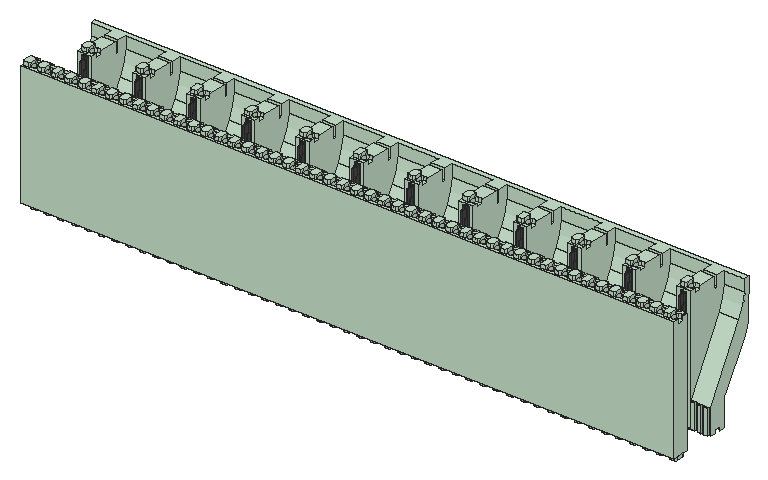
Revit family "ICF- NUDURA 4-inch- Brick Ledge Form Unit- Imperial", category Generic Models, Revit 2011 (continued)
Definition of nested family "NUDURA Diamond Pattern"
  Lines and regions (in)
    model lines
      curve 5: arc (3.35367, -5.625, 17.51517) -> (3.24384, -5.625, 17.25) -> (3.35367, -5.625, 16.98484) r 0.375
      curve 6: line (3.72867, -5.625, 17.89017) -> (3.35367, -5.625, 17.51517)
      curve 7: arc (4.259, -5.625, 17.89017) -> (3.99384, -5.625, 18) -> (3.72867, -5.625, 17.89017) r 0.375
      curve 8: line (4.634, -5.625, 17.51517) -> (4.259, -5.625, 17.89017)
      curve 9: arc (4.634, -5.625, 16.98484) -> (4.74384, -5.625, 17.25) -> (4.634, -5.625, 17.51517) r 0.375
      curve 10: line (4.29059, -5.625, 16.64142) -> (4.634, -5.625, 16.98484)
      curve 11: arc (4.17062, -5.625, 17.80178) -> (3.99384, -5.625, 17.875) -> (3.81706, -5.625, 17.80178) r 0.25
      curve 12: line (4.54562, -5.625, 17.42678) -> (4.17062, -5.625, 17.80178)
      curve 13: arc (4.54562, -5.625, 17.07322) -> (4.61884, -5.625, 17.25) -> (4.54562, -5.625, 17.42678) r 0.25
      curve 14: line (4.17062, -5.625, 16.69822) -> (4.54562, -5.625, 17.07322)
      curve 15: arc (3.81706, -5.625, 16.69822) -> (3.99384, -5.625, 16.625) -> (4.17062, -5.625, 16.69822) r 0.25
      curve 16: line (3.44206, -5.625, 17.07322) -> (3.81706, -5.625, 16.69822)
      curve 17: arc (3.44206, -5.625, 17.42678) -> (3.36884, -5.625, 17.25) -> (3.44206, -5.625, 17.07322) r 0.25
      curve 18: line (3.81706, -5.625, 17.80178) -> (3.44206, -5.625, 17.42678)
      curve 19: arc (3.69709, -5.625, 16.35858) -> (3.75567, -5.625, 16.5) -> (3.69709, -5.625, 16.64142) r 0.2
      curve 20: line (4.634, -5.625, 16.01517) -> (4.29059, -5.625, 16.35858)
      curve 21: arc (4.634, -5.625, 15.48484) -> (4.74384, -5.625, 15.75) -> (4.634, -5.625, 16.01517) r 0.375
      curve 22: line (4.29059, -5.625, 15.14142) -> (4.634, -5.625, 15.48484)
      curve 23: line (3.35367, -5.625, 15.48484) -> (3.69709, -5.625, 15.14142)
      curve 24: arc (3.35367, -5.625, 16.01517) -> (3.24384, -5.625, 15.75) -> (3.35367, -5.625, 15.48484) r 0.375
      curve 25: line (3.69709, -5.625, 16.35858) -> (3.35367, -5.625, 16.01517)
      curve 26: arc (4.17062, -5.625, 16.30178) -> (3.99384, -5.625, 16.375) -> (3.81706, -5.625, 16.30178) r 0.25
      curve 27: line (3.81706, -5.625, 16.30178) -> (3.44206, -5.625, 15.92678)
      curve 28: arc (3.44206, -5.625, 15.92678) -> (3.36884, -5.625, 15.75) -> (3.44206, -5.625, 15.57322) r 0.25
      curve 29: line (3.44206, -5.625, 15.57322) -> (3.81706, -5.625, 15.19822)
      curve 30: arc (3.81706, -5.625, 15.19822) -> (3.99384, -5.625, 15.125) -> (4.17062, -5.625, 15.19822) r 0.25
      curve 31: line (4.17062, -5.625, 15.19822) -> (4.54562, -5.625, 15.57322)
      curve 32: arc (4.54562, -5.625, 15.57322) -> (4.61884, -5.625, 15.75) -> (4.54562, -5.625, 15.92678) r 0.25
      curve 33: line (4.54562, -5.625, 15.92678) -> (4.17062, -5.625, 16.30178)
      curve 34: arc (3.69709, -5.625, 14.85858) -> (3.75567, -5.625, 15) -> (3.69709, -5.625, 15.14142) r 0.2
      curve 35: line (4.634, -5.625, 14.51517) -> (4.29059, -5.625, 14.85858)
      curve 36: arc (4.634, -5.625, 13.98484) -> (4.74384, -5.625, 14.25) -> (4.634, -5.625, 14.51517) r 0.375
      curve 37: line (4.29059, -5.625, 13.64142) -> (4.634, -5.625, 13.98484)
      curve 38: line (3.35367, -5.625, 13.98484) -> (3.69709, -5.625, 13.64142)
      curve 39: arc (3.35367, -5.625, 14.51517) -> (3.24384, -5.625, 14.25) -> (3.35367, -5.625, 13.98484) r 0.375
      curve 40: line (3.69709, -5.625, 14.85858) -> (3.35367, -5.625, 14.51517)
      curve 41: arc (4.17062, -5.625, 14.80178) -> (3.99384, -5.625, 14.875) -> (3.81706, -5.625, 14.80178) r 0.25
      curve 42: line (3.81706, -5.625, 14.80178) -> (3.44206, -5.625, 14.42678)
      curve 43: arc (3.44206, -5.625, 14.42678) -> (3.36884, -5.625, 14.25) -> (3.44206, -5.625, 14.07322) r 0.25
      curve 44: line (3.44206, -5.625, 14.07322) -> (3.81706, -5.625, 13.69822)
      curve 45: arc (3.81706, -5.625, 13.69822) -> (3.99384, -5.625, 13.625) -> (4.17062, -5.625, 13.69822) r 0.25
      curve 46: line (4.17062, -5.625, 13.69822) -> (4.54562, -5.625, 14.07322)
      curve 47: arc (4.54562, -5.625, 14.07322) -> (4.61884, -5.625, 14.25) -> (4.54562, -5.625, 14.42678) r 0.25
      curve 48: line (4.54562, -5.625, 14.42678) -> (4.17062, -5.625, 14.80178)
      curve 49: arc (3.69709, -5.625, 13.35858) -> (3.75567, -5.625, 13.5) -> (3.69709, -5.625, 13.64142) r 0.2
      curve 50: line (4.634, -5.625, 13.01517) -> (4.29059, -5.625, 13.35858)
      curve 51: arc (4.634, -5.625, 12.48484) -> (4.74384, -5.625, 12.75) -> (4.634, -5.625, 13.01517) r 0.375
      curve 52: line (4.29059, -5.625, 12.14142) -> (4.634, -5.625, 12.48484)
      curve 53: line (3.35367, -5.625, 12.48484) -> (3.69709, -5.625, 12.14142)
      curve 54: arc (3.35367, -5.625, 13.01517) -> (3.24384, -5.625, 12.75) -> (3.35367, -5.625, 12.48484) r 0.375
      curve 55: line (3.69709, -5.625, 13.35858) -> (3.35367, -5.625, 13.01517)
      curve 56: arc (4.17062, -5.625, 13.30178) -> (3.99384, -5.625, 13.375) -> (3.81706, -5.625, 13.30178) r 0.25
      curve 57: line (3.81706, -5.625, 13.30178) -> (3.44206, -5.625, 12.92678)
      curve 58: arc (3.44206, -5.625, 12.92678) -> (3.36884, -5.625, 12.75) -> (3.44206, -5.625, 12.57322) r 0.25
      curve 59: line (3.44206, -5.625, 12.57322) -> (3.81706, -5.625, 12.19822)
      curve 60: arc (3.81706, -5.625, 12.19822) -> (3.99384, -5.625, 12.125) -> (4.17062, -5.625, 12.19822) r 0.25
      curve 61: line (4.17062, -5.625, 12.19822) -> (4.54562, -5.625, 12.57322)
      curve 62: arc (4.54562, -5.625, 12.57322) -> (4.61884, -5.625, 12.75) -> (4.54562, -5.625, 12.92678) r 0.25
      curve 63: line (4.54562, -5.625, 12.92678) -> (4.17062, -5.625, 13.30178)
      curve 64: arc (3.69709, -5.625, 11.85858) -> (3.75567, -5.625, 12) -> (3.69709, -5.625, 12.14142) r 0.2
      curve 65: line (4.634, -5.625, 11.51517) -> (4.29059, -5.625, 11.85858)
      curve 66: arc (4.634, -5.625, 10.98484) -> (4.74384, -5.625, 11.25) -> (4.634, -5.625, 11.51517) r 0.375
      curve 67: line (4.29059, -5.625, 10.64142) -> (4.634, -5.625, 10.98484)
      curve 68: line (3.35367, -5.625, 10.98484) -> (3.69709, -5.625, 10.64142)
      curve 69: arc (3.35367, -5.625, 11.51517) -> (3.24384, -5.625, 11.25) -> (3.35367, -5.625, 10.98484) r 0.375
      curve 70: line (3.69709, -5.625, 11.85858) -> (3.35367, -5.625, 11.51517)
      curve 71: arc (4.17062, -5.625, 11.80178) -> (3.99384, -5.625, 11.875) -> (3.81706, -5.625, 11.80178) r 0.25
      curve 72: line (3.81706, -5.625, 11.80178) -> (3.44206, -5.625, 11.42678)
      curve 73: arc (3.44206, -5.625, 11.42678) -> (3.36884, -5.625, 11.25) -> (3.44206, -5.625, 11.07322) r 0.25
      curve 74: line (3.44206, -5.625, 11.07322) -> (3.81706, -5.625, 10.69822)
      curve 75: arc (3.81706, -5.625, 10.69822) -> (3.99384, -5.625, 10.625) -> (4.17062, -5.625, 10.69822) r 0.25
      curve 76: line (4.17062, -5.625, 10.69822) -> (4.54562, -5.625, 11.07322)
      curve 77: arc (4.54562, -5.625, 11.07322) -> (4.61884, -5.625, 11.25) -> (4.54562, -5.625, 11.42678) r 0.25
      curve 78: line (4.54562, -5.625, 11.42678) -> (4.17062, -5.625, 11.80178)
      curve 79: arc (3.69709, -5.625, 10.35858) -> (3.75567, -5.625, 10.5) -> (3.69709, -5.625, 10.64142) r 0.2
      curve 80: line (4.634, -5.625, 10.01517) -> (4.29059, -5.625, 10.35858)
      curve 81: arc (4.634, -5.625, 9.48484) -> (4.74384, -5.625, 9.75) -> (4.634, -5.625, 10.01517) r 0.375
      curve 82: line (4.29059, -5.625, 9.14142) -> (4.634, -5.625, 9.48484)
      curve 83: line (3.35367, -5.625, 9.48484) -> (3.69709, -5.625, 9.14142)
      curve 84: arc (3.35367, -5.625, 10.01517) -> (3.24384, -5.625, 9.75) -> (3.35367, -5.625, 9.48484) r 0.375
      curve 85: line (3.69709, -5.625, 10.35858) -> (3.35367, -5.625, 10.01517)
      curve 86: arc (4.17062, -5.625, 10.30178) -> (3.99384, -5.625, 10.375) -> (3.81706, -5.625, 10.30178) r 0.25
      curve 87: line (3.81706, -5.625, 10.30178) -> (3.44206, -5.625, 9.92678)
      curve 88: arc (3.44206, -5.625, 9.92678) -> (3.36884, -5.625, 9.75) -> (3.44206, -5.625, 9.57322) r 0.25
      curve 89: line (3.44206, -5.625, 9.57322) -> (3.81706, -5.625, 9.19822)
      curve 90: arc (3.81706, -5.625, 9.19822) -> (3.99384, -5.625, 9.125) -> (4.17062, -5.625, 9.19822) r 0.25
      curve 91: line (4.17062, -5.625, 9.19822) -> (4.54562, -5.625, 9.57322)
      curve 92: arc (4.54562, -5.625, 9.57322) -> (4.61884, -5.625, 9.75) -> (4.54562, -5.625, 9.92678) r 0.25
      curve 93: line (4.54562, -5.625, 9.92678) -> (4.17062, -5.625, 10.30178)
      curve 94: arc (3.69709, -5.625, 8.85858) -> (3.75567, -5.625, 9) -> (3.69709, -5.625, 9.14142) r 0.2
      curve 95: line (4.634, -5.625, 8.51517) -> (4.29059, -5.625, 8.85858)
      curve 96: arc (4.634, -5.625, 7.98484) -> (4.74384, -5.625, 8.25) -> (4.634, -5.625, 8.51517) r 0.375
      curve 97: line (4.29059, -5.625, 7.64142) -> (4.634, -5.625, 7.98484)
      curve 98: line (3.35367, -5.625, 7.98484) -> (3.69709, -5.625, 7.64142)
      curve 99: arc (3.35367, -5.625, 8.51517) -> (3.24384, -5.625, 8.25) -> (3.35367, -5.625, 7.98484) r 0.375
      curve 100: line (3.69709, -5.625, 8.85858) -> (3.35367, -5.625, 8.51517)
      curve 101: arc (4.17062, -5.625, 8.80178) -> (3.99384, -5.625, 8.875) -> (3.81706, -5.625, 8.80178) r 0.25
      curve 102: line (3.81706, -5.625, 8.80178) -> (3.44206, -5.625, 8.42678)
      curve 103: arc (3.44206, -5.625, 8.42678) -> (3.36884, -5.625, 8.25) -> (3.44206, -5.625, 8.07322) r 0.25
      curve 104: line (3.44206, -5.625, 8.07322) -> (3.81706, -5.625, 7.69822)
      curve 105: arc (3.81706, -5.625, 7.69822) -> (3.99384, -5.625, 7.625) -> (4.17062, -5.625, 7.69822) r 0.25
      curve 106: line (4.17062, -5.625, 7.69822) -> (4.54562, -5.625, 8.07322)
      curve 107: arc (4.54562, -5.625, 8.07322) -> (4.61884, -5.625, 8.25) -> (4.54562, -5.625, 8.42678) r 0.25
      curve 108: line (4.54562, -5.625, 8.42678) -> (4.17062, -5.625, 8.80178)
      curve 109: arc (3.69709, -5.625, 7.35858) -> (3.75567, -5.625, 7.5) -> (3.69709, -5.625, 7.64142) r 0.2
      curve 110: line (4.634, -5.625, 7.01517) -> (4.29059, -5.625, 7.35858)
      curve 111: arc (4.634, -5.625, 6.48484) -> (4.74384, -5.625, 6.75) -> (4.634, -5.625, 7.01517) r 0.375
      curve 112: line (4.29059, -5.625, 6.14142) -> (4.634, -5.625, 6.48484)
      curve 113: line (3.35367, -5.625, 6.48484) -> (3.69709, -5.625, 6.14142)
      curve 114: arc (3.35367, -5.625, 7.01517) -> (3.24384, -5.625, 6.75) -> (3.35367, -5.625, 6.48484) r 0.375
      curve 115: line (3.69709, -5.625, 7.35858) -> (3.35367, -5.625, 7.01517)
      curve 116: arc (4.17062, -5.625, 7.30178) -> (3.99384, -5.625, 7.375) -> (3.81706, -5.625, 7.30178) r 0.25
      curve 117: line (3.81706, -5.625, 7.30178) -> (3.44206, -5.625, 6.92678)
      curve 118: arc (3.44206, -5.625, 6.92678) -> (3.36884, -5.625, 6.75) -> (3.44206, -5.625, 6.57322) r 0.25
      curve 119: line (3.44206, -5.625, 6.57322) -> (3.81706, -5.625, 6.19822)
      curve 120: arc (3.81706, -5.625, 6.19822) -> (3.99384, -5.625, 6.125) -> (4.17062, -5.625, 6.19822) r 0.25
      curve 121: line (4.17062, -5.625, 6.19822) -> (4.54562, -5.625, 6.57322)
      curve 122: arc (4.54562, -5.625, 6.57322) -> (4.61884, -5.625, 6.75) -> (4.54562, -5.625, 6.92678) r 0.25
      curve 123: line (4.54562, -5.625, 6.92678) -> (4.17062, -5.625, 7.30178)
      curve 124: arc (3.69709, -5.625, 5.85858) -> (3.75567, -5.625, 6) -> (3.69709, -5.625, 6.14142) r 0.2
      curve 125: line (4.634, -5.625, 5.51517) -> (4.29059, -5.625, 5.85858)
      curve 126: arc (4.634, -5.625, 4.98484) -> (4.74384, -5.625, 5.25) -> (4.634, -5.625, 5.51517) r 0.375
      curve 127: line (4.29059, -5.625, 4.64142) -> (4.634, -5.625, 4.98484)
      curve 128: line (3.35367, -5.625, 4.98484) -> (3.69709, -5.625, 4.64142)
      curve 129: arc (3.35367, -5.625, 5.51517) -> (3.24384, -5.625, 5.25) -> (3.35367, -5.625, 4.98484) r 0.375
      curve 130: line (3.69709, -5.625, 5.85858) -> (3.35367, -5.625, 5.51517)
      curve 131: arc (4.17062, -5.625, 5.80178) -> (3.99384, -5.625, 5.875) -> (3.81706, -5.625, 5.80178) r 0.25
      curve 132: line (3.81706, -5.625, 5.80178) -> (3.44206, -5.625, 5.42678)
      curve 133: arc (3.44206, -5.625, 5.42678) -> (3.36884, -5.625, 5.25) -> (3.44206, -5.625, 5.07322) r 0.25
      curve 134: line (3.44206, -5.625, 5.07322) -> (3.81706, -5.625, 4.69822)
      curve 135: arc (3.81706, -5.625, 4.69822) -> (3.99384, -5.625, 4.625) -> (4.17062, -5.625, 4.69822) r 0.25
      curve 136: line (4.17062, -5.625, 4.69822) -> (4.54562, -5.625, 5.07322)
      curve 137: arc (4.54562, -5.625, 5.07322) -> (4.61884, -5.625, 5.25) -> (4.54562, -5.625, 5.42678) r 0.25
      curve 138: line (4.54562, -5.625, 5.42678) -> (4.17062, -5.625, 5.80178)
      curve 139: arc (3.69709, -5.625, 4.35858) -> (3.75567, -5.625, 4.5) -> (3.69709, -5.625, 4.64142) r 0.2
      curve 140: line (4.634, -5.625, 4.01517) -> (4.29059, -5.625, 4.35858)
      curve 141: arc (4.634, -5.625, 3.48484) -> (4.74384, -5.625, 3.75) -> (4.634, -5.625, 4.01517) r 0.375
      curve 142: line (4.29059, -5.625, 3.14142) -> (4.634, -5.625, 3.48484)
      curve 143: line (3.35367, -5.625, 3.48484) -> (3.69709, -5.625, 3.14142)
      curve 144: arc (3.35367, -5.625, 4.01517) -> (3.24384, -5.625, 3.75) -> (3.35367, -5.625, 3.48484) r 0.375
      curve 145: line (3.69709, -5.625, 4.35858) -> (3.35367, -5.625, 4.01517)
      curve 146: arc (4.17062, -5.625, 4.30178) -> (3.99384, -5.625, 4.375) -> (3.81706, -5.625, 4.30178) r 0.25
      curve 147: line (3.81706, -5.625, 4.30178) -> (3.44206, -5.625, 3.92678)
      curve 148: arc (3.44206, -5.625, 3.92678) -> (3.36884, -5.625, 3.75) -> (3.44206, -5.625, 3.57322) r 0.25
      curve 149: line (3.44206, -5.625, 3.57322) -> (3.81706, -5.625, 3.19822)
      curve 150: arc (3.81706, -5.625, 3.19822) -> (3.99384, -5.625, 3.125) -> (4.17062, -5.625, 3.19822) r 0.25
      curve 151: line (4.17062, -5.625, 3.19822) -> (4.54562, -5.625, 3.57322)
      curve 152: arc (4.54562, -5.625, 3.57322) -> (4.61884, -5.625, 3.75) -> (4.54562, -5.625, 3.92678) r 0.25
      curve 153: line (4.54562, -5.625, 3.92678) -> (4.17062, -5.625, 4.30178)
      curve 154: arc (3.69709, -5.625, 2.85858) -> (3.75567, -5.625, 3) -> (3.69709, -5.625, 3.14142) r 0.2
      curve 155: line (4.634, -5.625, 2.51517) -> (4.29059, -5.625, 2.85858)
      curve 156: arc (4.634, -5.625, 1.98484) -> (4.74384, -5.625, 2.25) -> (4.634, -5.625, 2.51517) r 0.375
      curve 157: line (4.29059, -5.625, 1.64142) -> (4.634, -5.625, 1.98484)
      curve 158: line (3.35367, -5.625, 1.98484) -> (3.69709, -5.625, 1.64142)
      curve 159: arc (3.35367, -5.625, 2.51517) -> (3.24384, -5.625, 2.25) -> (3.35367, -5.625, 1.98484) r 0.375
      curve 160: line (3.69709, -5.625, 2.85858) -> (3.35367, -5.625, 2.51517)
      curve 161: arc (4.17062, -5.625, 2.80178) -> (3.99384, -5.625, 2.875) -> (3.81706, -5.625, 2.80178) r 0.25
      curve 162: line (3.81706, -5.625, 2.80178) -> (3.44206, -5.625, 2.42678)
      curve 163: arc (3.44206, -5.625, 2.42678) -> (3.36884, -5.625, 2.25) -> (3.44206, -5.625, 2.07322) r 0.25
      curve 164: line (3.44206, -5.625, 2.07322) -> (3.81706, -5.625, 1.69822)
      curve 165: arc (3.81706, -5.625, 1.69822) -> (3.99384, -5.625, 1.625) -> (4.17062, -5.625, 1.69822) r 0.25
      curve 166: line (4.17062, -5.625, 1.69822) -> (4.54562, -5.625, 2.07322)
      curve 167: arc (4.54562, -5.625, 2.07322) -> (4.61884, -5.625, 2.25) -> (4.54562, -5.625, 2.42678) r 0.25
      curve 168: line (4.54562, -5.625, 2.42678) -> (4.17062, -5.625, 2.80178)
      curve 169: arc (3.69709, -5.625, 1.35858) -> (3.75567, -5.625, 1.5) -> (3.69709, -5.625, 1.64142) r 0.2
      curve 170: line (3.69709, -5.625, 1.35858) -> (3.35367, -5.625, 1.01517)
      curve 171: arc (3.35367, -5.625, 1.01517) -> (3.24384, -5.625, 0.75) -> (3.35367, -5.625, 0.48484) r 0.375
      curve 172: line (3.35367, -5.625, 0.48484) -> (3.72867, -5.625, 0.10984)
      curve 173: arc (3.72867, -5.625, 0.10984) -> (3.99384, -5.625, 0) -> (4.259, -5.625, 0.10984) r 0.375
      curve 174: line (4.259, -5.625, 0.10984) -> (4.634, -5.625, 0.48484)
      curve 175: arc (4.634, -5.625, 0.48484) -> (4.74384, -5.625, 0.75) -> (4.634, -5.625, 1.01517) r 0.375
      curve 176: line (4.634, -5.625, 1.01517) -> (4.29059, -5.625, 1.35858)
      curve 177: arc (4.29059, -5.625, 1.64142) -> (4.23201, -5.625, 1.5) -> (4.29059, -5.625, 1.35858) r 0.2
      curve 178: arc (4.17062, -5.625, 1.30178) -> (3.99384, -5.625, 1.375) -> (3.81706, -5.625, 1.30178) r 0.25
      curve 179: line (4.54562, -5.625, 0.92678) -> (4.17062, -5.625, 1.30178)
      curve 180: arc (4.54562, -5.625, 0.57322) -> (4.61884, -5.625, 0.75) -> (4.54562, -5.625, 0.92678) r 0.25
      curve 181: line (4.17062, -5.625, 0.19822) -> (4.54562, -5.625, 0.57322)
      curve 182: arc (3.81706, -5.625, 0.19822) -> (3.99384, -5.625, 0.125) -> (4.17062, -5.625, 0.19822) r 0.25
      curve 183: line (3.44206, -5.625, 0.57322) -> (3.81706, -5.625, 0.19822)
      curve 184: arc (3.44206, -5.625, 0.92678) -> (3.36884, -5.625, 0.75) -> (3.44206, -5.625, 0.57322) r 0.25
      curve 185: line (3.81706, -5.625, 1.30178) -> (3.44206, -5.625, 0.92678)
      curve 186: arc (4.29059, -5.625, 3.14142) -> (4.23201, -5.625, 3) -> (4.29059, -5.625, 2.85858) r 0.2
      curve 187: arc (4.29059, -5.625, 4.64142) -> (4.23201, -5.625, 4.5) -> (4.29059, -5.625, 4.35858) r 0.2
      curve 188: arc (4.29059, -5.625, 6.14142) -> (4.23201, -5.625, 6) -> (4.29059, -5.625, 5.85858) r 0.2
      curve 189: arc (4.29059, -5.625, 7.64142) -> (4.23201, -5.625, 7.5) -> (4.29059, -5.625, 7.35858) r 0.2
      curve 190: arc (4.29059, -5.625, 9.14142) -> (4.23201, -5.625, 9) -> (4.29059, -5.625, 8.85858) r 0.2
      curve 191: arc (4.29059, -5.625, 10.64142) -> (4.23201, -5.625, 10.5) -> (4.29059, -5.625, 10.35858) r 0.2
      curve 192: arc (4.29059, -5.625, 12.14142) -> (4.23201, -5.625, 12) -> (4.29059, -5.625, 11.85858) r 0.2
      curve 193: arc (4.29059, -5.625, 13.64142) -> (4.23201, -5.625, 13.5) -> (4.29059, -5.625, 13.35858) r 0.2
      curve 194: arc (4.29059, -5.625, 15.14142) -> (4.23201, -5.625, 15) -> (4.29059, -5.625, 14.85858) r 0.2
      curve 195: arc (4.29059, -5.625, 16.64142) -> (4.23201, -5.625, 16.5) -> (4.29059, -5.625, 16.35858) r 0.2
Definition of nested family "NUDURA Logo Diamond"
  Reference planes (in)
    plane 1 "Center (Front/Back)": y = 0
    plane 2: z = 0
    plane 3 "Center (Left/Right)": x = 0
  Lines and regions (in)
    model lines
      curve 1: line (12.59848, 0, 17.50104) -> (12.24492, 0, 17.85459)
      curve 2: line (12.36113, 0, 16.76872) -> (12.59848, 0, 17.00607)
      curve 3: line (12.59848, 0, 16.00104) -> (12.36113, 0, 16.23839)
      curve 4: line (12.36113, 0, 15.26872) -> (12.59848, 0, 15.50607)
      curve 5: line (12.59848, 0, 14.50104) -> (12.36113, 0, 14.73839)
      curve 6: line (12.36113, 0, 13.76872) -> (12.59848, 0, 14.00607)
      curve 7: line (12.17421, 0, 13.28388) -> (12.71208, 0, 12.74602)
      curve 8: line (12.71208, 0, 12.74602) -> (12.78279, 0, 12.81673)
      curve 9: line (11.28279, 0, 12.74602) -> (11.82066, 0, 13.28388)
      curve 10: line (11.63374, 0, 13.23839) -> (11.21208, 0, 12.81673)
      curve 11: line (11.3964, 0, 14.00607) -> (11.63374, 0, 13.76872)
      curve 12: line (11.63374, 0, 14.73839) -> (11.3964, 0, 14.50104)
      curve 13: line (11.3964, 0, 15.50607) -> (11.63374, 0, 15.26872)
      curve 14: line (11.63374, 0, 16.23839) -> (11.3964, 0, 16.00104)
      curve 15: line (11.3964, 0, 17.00607) -> (11.63374, 0, 16.76872)
      curve 16: line (11.74995, 0, 17.85459) -> (11.3964, 0, 17.50104)
      curve 17: line (11.82066, 0, 17.78388) -> (11.46711, 0, 17.43033)
      curve 18: line (12.52777, 0, 17.43033) -> (12.17421, 0, 17.78388)
      curve 19: line (12.17421, 0, 16.72322) -> (12.52777, 0, 17.07678)
      curve 20: line (11.46711, 0, 17.07678) -> (11.82066, 0, 16.72322)
      curve 21: arc (11.3964, 0, 17.50104) -> (11.29388, 0, 17.25355) -> (11.3964, 0, 17.00607) r 0.35
      curve 22: arc (11.74995, 0, 17.85459) -> (11.99744, 0, 17.95711) -> (12.24492, 0, 17.85459) r 0.35
      curve 23: arc (11.46711, 0, 17.43033) -> (11.39388, 0, 17.25355) -> (11.46711, 0, 17.07678) r 0.25
      curve 24: arc (12.52777, 0, 17.43033) -> (12.60099, 0, 17.25355) -> (12.52777, 0, 17.07678) r 0.25
      curve 25: arc (12.17421, 0, 16.72322) -> (11.99744, 0, 16.65) -> (11.82066, 0, 16.72322) r 0.25
      curve 26: arc (11.82066, 0, 17.78388) -> (11.99744, 0, 17.85711) -> (12.17421, 0, 17.78388) r 0.25
      curve 27: arc (12.59848, 0, 17.50104) -> (12.70099, 0, 17.25355) -> (12.59848, 0, 17.00607) r 0.35
      curve 28: arc (11.63374, 0, 16.76872) -> (11.74358, 0, 16.50355) -> (11.63374, 0, 16.23839) r 0.375
      curve 29: arc (12.36113, 0, 16.76872) -> (12.2513, 0, 16.50355) -> (12.36113, 0, 16.23839) r 0.375
      curve 30: line (12.36113, 0, 15.26872) -> (12.59848, 0, 15.50607)
      curve 31: line (11.3964, 0, 15.50607) -> (11.63374, 0, 15.26872)
      curve 32: line (11.82066, 0, 16.28388) -> (11.46711, 0, 15.93033)
      curve 33: line (12.52777, 0, 15.93033) -> (12.17421, 0, 16.28388)
      curve 34: line (12.17421, 0, 15.22322) -> (12.52777, 0, 15.57678)
      curve 35: line (11.46711, 0, 15.57678) -> (11.82066, 0, 15.22322)
      curve 36: arc (11.3964, 0, 16.00104) -> (11.29388, 0, 15.75355) -> (11.3964, 0, 15.50607) r 0.35
      curve 37: arc (11.46711, 0, 15.93033) -> (11.39388, 0, 15.75355) -> (11.46711, 0, 15.57678) r 0.25
      curve 38: arc (12.52777, 0, 15.93033) -> (12.60099, 0, 15.75355) -> (12.52777, 0, 15.57678) r 0.25
      curve 39: arc (12.17421, 0, 15.22322) -> (11.99744, 0, 15.15) -> (11.82066, 0, 15.22322) r 0.25
      curve 40: arc (11.82066, 0, 16.28388) -> (11.99744, 0, 16.35711) -> (12.17421, 0, 16.28388) r 0.25
      curve 41: arc (12.59848, 0, 16.00104) -> (12.70099, 0, 15.75355) -> (12.59848, 0, 15.50607) r 0.35
      curve 42: line (11.63374, 0, 16.23839) -> (11.3964, 0, 16.00104)
      curve 43: line (12.59848, 0, 16.00104) -> (12.36113, 0, 16.23839)
      curve 44: arc (11.63374, 0, 15.26872) -> (11.74358, 0, 15.00355) -> (11.63374, 0, 14.73839) r 0.375
      curve 45: arc (12.36113, 0, 15.26872) -> (12.2513, 0, 15.00355) -> (12.36113, 0, 14.73839) r 0.375
      curve 46: line (12.36113, 0, 13.76872) -> (12.59848, 0, 14.00607)
      curve 47: line (11.3964, 0, 14.00607) -> (11.63374, 0, 13.76872)
      curve 48: line (11.82066, 0, 14.78388) -> (11.46711, 0, 14.43033)
      curve 49: line (12.52777, 0, 14.43033) -> (12.17421, 0, 14.78388)
      curve 50: line (12.17421, 0, 13.72322) -> (12.52777, 0, 14.07678)
      curve 51: line (11.46711, 0, 14.07678) -> (11.82066, 0, 13.72322)
      curve 52: arc (11.3964, 0, 14.50104) -> (11.29388, 0, 14.25355) -> (11.3964, 0, 14.00607) r 0.35
      curve 53: arc (11.46711, 0, 14.43033) -> (11.39388, 0, 14.25355) -> (11.46711, 0, 14.07678) r 0.25
      curve 54: arc (12.52777, 0, 14.43033) -> (12.60099, 0, 14.25355) -> (12.52777, 0, 14.07678) r 0.25
      curve 55: arc (12.17421, 0, 13.72322) -> (11.99744, 0, 13.65) -> (11.82066, 0, 13.72322) r 0.25
      curve 56: arc (11.82066, 0, 14.78388) -> (11.99744, 0, 14.85711) -> (12.17421, 0, 14.78388) r 0.25
      curve 57: arc (12.59848, 0, 14.50104) -> (12.70099, 0, 14.25355) -> (12.59848, 0, 14.00607) r 0.35
      curve 58: line (11.63374, 0, 14.73839) -> (11.3964, 0, 14.50104)
      curve 59: arc (11.63374, 0, 13.76872) -> (11.74358, 0, 13.50355) -> (11.63374, 0, 13.23839) r 0.375
      curve 60: arc (12.36113, 0, 13.76872) -> (12.2513, 0, 13.50355) -> (12.36113, 0, 13.23839) r 0.375
      curve 61: line (12.78279, 0, 12.81673) -> (12.36113, 0, 13.23839)
      curve 62: line (11.21208, 0, 12.81673) -> (11.28279, 0, 12.74602)
      curve 63: arc (11.82066, 0, 13.28388) -> (11.99744, 0, 13.35711) -> (12.17421, 0, 13.28388) r 0.25
      curve 64: line (12.59848, 0, 0.50607) -> (12.24492, 0, 0.15251)
      curve 65: line (12.36113, 0, 1.23839) -> (12.59848, 0, 1.00104)
      curve 66: line (12.59848, 0, 2.00607) -> (12.36113, 0, 1.76872)
      curve 67: line (12.36113, 0, 2.73839) -> (12.59848, 0, 2.50104)
      curve 68: line (12.59848, 0, 3.50607) -> (12.36113, 0, 3.26872)
      curve 69: line (12.36113, 0, 4.23839) -> (12.59848, 0, 4.00104)
      curve 70: line (12.17421, 0, 4.72322) -> (12.71208, 0, 5.26109)
      curve 71: line (12.71208, 0, 5.26109) -> (12.78279, 0, 5.19038)
      curve 72: line (11.28279, 0, 5.26109) -> (11.82066, 0, 4.72322)
      curve 73: line (11.63374, 0, 4.76872) -> (11.21208, 0, 5.19038)
      curve 74: line (11.3964, 0, 4.00104) -> (11.63374, 0, 4.23839)
      curve 75: line (11.63374, 0, 3.26872) -> (11.3964, 0, 3.50607)
      curve 76: line (11.3964, 0, 2.50104) -> (11.63374, 0, 2.73839)
      curve 77: line (11.63374, 0, 1.76872) -> (11.3964, 0, 2.00607)
      curve 78: line (11.3964, 0, 1.00104) -> (11.63374, 0, 1.23839)
      curve 79: line (11.74995, 0, 0.15251) -> (11.3964, 0, 0.50607)
      curve 80: line (11.82066, 0, 0.22322) -> (11.46711, 0, 0.57678)
      curve 81: line (12.52777, 0, 0.57678) -> (12.17421, 0, 0.22322)
      curve 82: line (12.17421, 0, 1.28388) -> (12.52777, 0, 0.93033)
      curve 83: line (11.46711, 0, 0.93033) -> (11.82066, 0, 1.28388)
      curve 84: arc (11.3964, 0, 0.50607) -> (11.29388, 0, 0.75355) -> (11.3964, 0, 1.00104) r 0.35
      curve 85: arc (11.74995, 0, 0.15251) -> (11.99744, 0, 0.05) -> (12.24492, 0, 0.15251) r 0.35
      curve 86: arc (11.46711, 0, 0.57678) -> (11.39388, 0, 0.75355) -> (11.46711, 0, 0.93033) r 0.25
      curve 87: arc (12.52777, 0, 0.57678) -> (12.60099, 0, 0.75355) -> (12.52777, 0, 0.93033) r 0.25
      curve 88: arc (12.17421, 0, 1.28388) -> (11.99744, 0, 1.35711) -> (11.82066, 0, 1.28388) r 0.25
      curve 89: arc (11.82066, 0, 0.22322) -> (11.99744, 0, 0.15) -> (12.17421, 0, 0.22322) r 0.25
      curve 90: arc (12.59848, 0, 0.50607) -> (12.70099, 0, 0.75355) -> (12.59848, 0, 1.00104) r 0.35
      curve 91: arc (11.63374, 0, 1.23839) -> (11.74358, 0, 1.50355) -> (11.63374, 0, 1.76872) r 0.375
      curve 92: arc (12.36113, 0, 1.23839) -> (12.2513, 0, 1.50355) -> (12.36113, 0, 1.76872) r 0.375
      curve 93: line (12.36113, 0, 2.73839) -> (12.59848, 0, 2.50104)
      curve 94: line (11.3964, 0, 2.50104) -> (11.63374, 0, 2.73839)
      curve 95: line (11.82066, 0, 1.72322) -> (11.46711, 0, 2.07678)
      curve 96: line (12.52777, 0, 2.07678) -> (12.17421, 0, 1.72322)
      curve 97: line (12.17421, 0, 2.78388) -> (12.52777, 0, 2.43033)
      curve 98: line (11.46711, 0, 2.43033) -> (11.82066, 0, 2.78388)
      curve 99: arc (11.3964, 0, 2.00607) -> (11.29388, 0, 2.25355) -> (11.3964, 0, 2.50104) r 0.35
      curve 100: arc (11.46711, 0, 2.07678) -> (11.39388, 0, 2.25355) -> (11.46711, 0, 2.43033) r 0.25
      curve 101: arc (12.52777, 0, 2.07678) -> (12.60099, 0, 2.25355) -> (12.52777, 0, 2.43033) r 0.25
      curve 102: arc (12.17421, 0, 2.78388) -> (11.99744, 0, 2.85711) -> (11.82066, 0, 2.78388) r 0.25
      curve 103: arc (11.82066, 0, 1.72322) -> (11.99744, 0, 1.65) -> (12.17421, 0, 1.72322) r 0.25
      curve 104: arc (12.59848, 0, 2.00607) -> (12.70099, 0, 2.25355) -> (12.59848, 0, 2.50104) r 0.35
      curve 105: line (11.63374, 0, 1.76872) -> (11.3964, 0, 2.00607)
      curve 106: line (12.59848, 0, 2.00607) -> (12.36113, 0, 1.76872)
      curve 107: arc (11.63374, 0, 2.73839) -> (11.74358, 0, 3.00355) -> (11.63374, 0, 3.26872) r 0.375
      curve 108: arc (12.36113, 0, 2.73839) -> (12.2513, 0, 3.00355) -> (12.36113, 0, 3.26872) r 0.375
      curve 109: line (12.36113, 0, 4.23839) -> (12.59848, 0, 4.00104)
      curve 110: line (11.3964, 0, 4.00104) -> (11.63374, 0, 4.23839)
      curve 111: line (11.82066, 0, 3.22322) -> (11.46711, 0, 3.57678)
      curve 112: line (12.52777, 0, 3.57678) -> (12.17421, 0, 3.22322)
      curve 113: line (12.17421, 0, 4.28388) -> (12.52777, 0, 3.93033)
      curve 114: line (11.46711, 0, 3.93033) -> (11.82066, 0, 4.28388)
      curve 115: arc (11.3964, 0, 3.50607) -> (11.29388, 0, 3.75355) -> (11.3964, 0, 4.00104) r 0.35
      curve 116: arc (11.46711, 0, 3.57678) -> (11.39388, 0, 3.75355) -> (11.46711, 0, 3.93033) r 0.25
      curve 117: arc (12.52777, 0, 3.57678) -> (12.60099, 0, 3.75355) -> (12.52777, 0, 3.93033) r 0.25
      curve 118: arc (12.17421, 0, 4.28388) -> (11.99744, 0, 4.35711) -> (11.82066, 0, 4.28388) r 0.25
      curve 119: arc (11.82066, 0, 3.22322) -> (11.99744, 0, 3.15) -> (12.17421, 0, 3.22322) r 0.25
      curve 120: arc (12.59848, 0, 3.50607) -> (12.70099, 0, 3.75355) -> (12.59848, 0, 4.00104) r 0.35
      curve 121: line (11.63374, 0, 3.26872) -> (11.3964, 0, 3.50607)
      curve 122: arc (11.63374, 0, 4.23839) -> (11.74358, 0, 4.50355) -> (11.63374, 0, 4.76872) r 0.375
      curve 123: arc (12.36113, 0, 4.23839) -> (12.2513, 0, 4.50355) -> (12.36113, 0, 4.76872) r 0.375
      curve 124: line (12.78279, 0, 5.19038) -> (12.36113, 0, 4.76872)
      curve 125: line (11.21208, 0, 5.19038) -> (11.28279, 0, 5.26109)
      curve 126: arc (11.82066, 0, 4.72322) -> (11.99744, 0, 4.65) -> (12.17421, 0, 4.72322) r 0.25
      curve 127: line (12.37244, 0, 12.50355) -> (11.62244, 0, 12.50355)
      curve 128: line (12.74744, 0, 5.87855) -> (12.74744, 0, 12.12855)
      curve 129: line (11.24744, 0, 12.12855) -> (11.24744, 0, 5.87855)
      curve 130: line (11.62244, 0, 5.50355) -> (12.37244, 0, 5.50355)
      curve 131: line (12.47232, 0, 12.00355) -> (12.0393, 0, 12.25355)
      curve 132: line (12.47232, 0, 11.50355) -> (12.47232, 0, 12.00355)
      curve 133: line (12.25581, 0, 11.37855) -> (12.47232, 0, 11.50355)
      curve 134: line (12.02256, 0, 11.51322) -> (12.25581, 0, 11.37855)
      curve 135: line (12.22232, 0, 11.62855) -> (12.02256, 0, 11.51322)
      curve 136: line (11.80605, 0, 12.11888) -> (12.22232, 0, 11.87855)
      curve 137: line (12.22232, 0, 11.87855) -> (12.22232, 0, 11.62855)
      curve 138: line (12.0393, 0, 12.25355) -> (11.80605, 0, 12.11888)
      curve 139: line (11.77256, 0, 11.63822) -> (11.97232, 0, 11.75355)
      curve 140: line (11.97232, 0, 11.75355) -> (11.73906, 0, 11.88822)
      curve 141: line (11.73906, 0, 11.88822) -> (11.52256, 0, 11.76322)
      curve 142: line (11.52256, 0, 11.76322) -> (11.52256, 0, 11.26322)
      curve 143: line (11.77256, 0, 11.38822) -> (11.77256, 0, 11.63822)
      curve 144: line (12.18882, 0, 11.14789) -> (11.77256, 0, 11.38822)
      curve 145: line (11.95557, 0, 11.01322) -> (12.18882, 0, 11.14789)
      curve 146: line (11.52256, 0, 11.26322) -> (11.95557, 0, 11.01322)
      curve 147: line (12.31108, 0, 10.60411) -> (11.68379, 0, 10.74458)
      curve 148: line (11.68379, 0, 10.74458) -> (11.68379, 0, 10.51321)
      curve 149: line (11.68379, 0, 10.51321) -> (12.1295, 0, 10.41405)
      curve 150: line (12.1295, 0, 10.41405) -> (11.68379, 0, 10.27358)
      curve 151: line (11.68379, 0, 10.27358) -> (11.68379, 0, 9.8852)
      curve 152: line (11.68379, 0, 9.8852) -> (12.17077, 0, 9.77615)
      curve 153: line (12.17077, 0, 9.77615) -> (12.17077, 0, 9.74472)
      curve 154: line (12.17077, 0, 9.74472) -> (11.86146, 0, 9.80279)
      curve 155: line (11.68379, 0, 9.65536) -> (11.68379, 0, 9.35864)
      curve 156: line (12.07077, 0, 8.74385) -> (12.07077, 0, 8.99996)
      curve 157: line (12.07077, 0, 8.99996) -> (11.68379, 0, 9.08605)
      curve 158: line (11.68379, 0, 9.08605) -> (11.68379, 0, 8.47809)
      curve 159: line (11.91823, 0, 9.06589) -> (12.31108, 0, 8.97792)
      curve 160: line (11.82444, 0, 8.55476) -> (11.82444, 0, 8.79865)
      curve 161: line (11.82444, 0, 8.79865) -> (12.07077, 0, 8.74385)
      curve 162: line (11.68379, 0, 8.07193) -> (11.68379, 0, 7.77522)
      curve 163: line (11.91823, 0, 7.48247) -> (12.21108, 0, 7.41688)
      curve 164: line (12.21108, 0, 7.41688) -> (12.21108, 0, 6.95405)
      curve 165: line (12.16108, 0, 6.90405) -> (12.12077, 0, 6.90405)
      curve 166: line (12.07077, 0, 6.95405) -> (12.07077, 0, 7.08675)
      curve 167: line (12.07077, 0, 7.08675) -> (12.12077, 0, 7.07556)
      curve 168: line (12.12077, 0, 7.07556) -> (12.12077, 0, 7.33463)
      curve 169: line (12.12077, 0, 7.33463) -> (11.68379, 0, 7.43249)
      curve 170: line (11.68379, 0, 7.43249) -> (11.68379, 0, 7.17341)
      curve 171: line (11.68379, 0, 7.17341) -> (11.97077, 0, 7.10915)
      curve 172: line (11.97077, 0, 7.10915) -> (11.97077, 0, 6.99425)
      curve 173: line (11.92077, 0, 6.94425) -> (11.68379, 0, 6.94425)
      curve 174: line (11.68379, 0, 6.94425) -> (11.68379, 0, 6.45682)
      curve 175: line (11.68379, 0, 6.45682) -> (11.78284, 0, 6.38658)
      curve 176: line (11.78284, 0, 6.38658) -> (11.78284, 0, 6.05178)
      curve 177: line (12.12371, 0, 6.14486) -> (11.88284, 0, 6.31567)
      curve 178: line (11.88284, 0, 6.31567) -> (11.88284, 0, 6.07909)
      curve 179: line (11.88284, 0, 6.07909) -> (12.12371, 0, 6.14486)
      curve 180: line (11.78284, 0, 6.05178) -> (11.68379, 0, 6.02474)
      curve 181: line (11.68379, 0, 6.02474) -> (11.68379, 0, 5.75355)
      curve 182: line (11.68379, 0, 5.75355) -> (12.31108, 0, 5.92483)
      curve 183: line (12.31108, 0, 5.92483) -> (12.31108, 0, 6.28791)
      curve 184: line (12.31108, 0, 6.28791) -> (11.76249, 0, 6.67694)
      curve 185: line (11.76249, 0, 6.67694) -> (11.90321, 0, 6.67694)
      curve 186: line (12.31108, 0, 6.78674) -> (12.31108, 0, 7.63562)
      curve 187: line (12.31108, 0, 7.63562) -> (11.90258, 0, 7.7271)
      curve 188: line (11.82444, 0, 7.82469) -> (11.82444, 0, 7.92839)
      curve 189: line (11.88536, 0, 7.97718) -> (12.31108, 0, 7.88185)
      curve 190: line (12.31108, 0, 7.88185) -> (12.31108, 0, 8.13496)
      curve 191: line (12.31108, 0, 8.13496) -> (12.08042, 0, 8.17826)
      curve 192: line (12.31108, 0, 8.38353) -> (12.31108, 0, 8.9465)
      curve 193: line (12.31108, 0, 8.9465) -> (12.17077, 0, 8.97771)
      curve 194: line (12.17077, 0, 8.97771) -> (12.17077, 0, 8.55476)
      curve 195: line (12.31108, 0, 8.97792) -> (12.31108, 0, 9.21905)
      curve 196: line (12.31108, 0, 9.21905) -> (11.90258, 0, 9.31053)
      curve 197: line (11.82444, 0, 9.40811) -> (11.82444, 0, 9.51182)
      curve 198: line (11.87938, 0, 9.56195) -> (12.31108, 0, 9.46528)
      curve 199: line (12.31108, 0, 9.46528) -> (12.31108, 0, 9.98469)
      curve 200: line (12.31108, 0, 9.98469) -> (11.90664, 0, 10.07526)
      curve 201: line (11.90664, 0, 10.07526) -> (12.31108, 0, 10.20747)
      curve 202: line (12.31108, 0, 10.20747) -> (12.31108, 0, 10.60411)
      curve 203: arc (11.68379, 0, 9.65536) -> (11.73801, 0, 9.7708) -> (11.86146, 0, 9.80279) r 0.15
      curve 204: arc (11.68379, 0, 9.35864) -> (11.74962, 0, 9.17112) -> (11.91823, 0, 9.06589) r 0.3
      curve 205: arc (11.84417, 0, 8.22149) -> (11.72718, 0, 8.32679) -> (11.68379, 0, 8.47809) r 0.28547
      curve 206: arc (11.68379, 0, 8.07193) -> (11.73147, 0, 8.18158) -> (11.84417, 0, 8.22149) r 0.14992
      curve 207: arc (11.68379, 0, 7.77522) -> (11.74962, 0, 7.58769) -> (11.91823, 0, 7.48247) r 0.3
      curve 208: arc (11.82444, 0, 7.82469) -> (11.84638, 0, 7.76218) -> (11.90258, 0, 7.7271) r 0.1
      curve 209: arc (11.82444, 0, 7.92839) -> (11.84318, 0, 7.96742) -> (11.88536, 0, 7.97718) r 0.05
      curve 210: arc (12.12077, 0, 6.90405) -> (12.08541, 0, 6.91869) -> (12.07077, 0, 6.95405) r 0.05
      curve 211: arc (12.16108, 0, 6.90405) -> (12.19644, 0, 6.91869) -> (12.21108, 0, 6.95405) r 0.05
      curve 212: arc (11.97077, 0, 6.99425) -> (11.95612, 0, 6.95889) -> (11.92077, 0, 6.94425) r 0.05
      curve 213: arc (11.90321, 0, 6.67694) -> (11.96756, 0, 6.70069) -> (12.00104, 0, 6.76055) r 0.09904
      curve 214: arc (12.00104, 0, 6.76055) -> (12.1681, 0, 6.63117) -> (12.31108, 0, 6.78674) r 0.15613
      curve 215: arc (12.08042, 0, 8.17826) -> (12.24181, 0, 8.22914) -> (12.31108, 0, 8.38353) r 0.20667
      curve 216: arc (11.82444, 0, 8.55476) -> (11.9976, 0, 8.3816) -> (12.17077, 0, 8.55476) r 0.17317
      curve 217: arc (11.82444, 0, 9.40811) -> (11.84638, 0, 9.34561) -> (11.90258, 0, 9.31053) r 0.1
      curve 218: arc (11.82444, 0, 9.51182) -> (11.8459, 0, 9.55306) -> (11.892, 0, 9.55913) r 0.05034
      curve 219: arc (11.24744, 0, 12.12855) -> (11.35727, 0, 12.39372) -> (11.62244, 0, 12.50355) r 0.375
      curve 220: arc (12.37244, 0, 12.50355) -> (12.6376, 0, 12.39372) -> (12.74744, 0, 12.12855) r 0.375
      curve 221: arc (11.24744, 0, 5.87855) -> (11.35727, 0, 5.61339) -> (11.62244, 0, 5.50355) r 0.375
      curve 222: arc (12.37244, 0, 5.50355) -> (12.6376, 0, 5.61339) -> (12.74744, 0, 5.87855) r 0.375
      curve 223: line (9.99744, 0, 18) -> (9.99744, 0, 0)
      curve 224: line (13.99744, 0, 18) -> (13.99744, 0, 0)
      curve 225: line (15.99744, 0, 18) -> (15.99744, 0, 0)
Definition of nested family "NUDURA Brick Ledge Diamond Pattern"
  Reference planes (in)
    plane 1 "Center (Front/Back)": y = 0
    plane 2: z = 0
    plane 3 "Center (Left/Right)": x = 0
    plane 4: z = 4
  Lines and regions (in)
    model lines
      curve 1: line (8, -5.625, 4) -> (8, -5.625, 0)
      curve 2: line (6, -5.625, 4) -> (6, -5.625, 0)
      curve 3: line (2, -5.625, 4) -> (2, -5.625, 0)
      curve 4: arc (4.634, -5.625, 3.48484) -> (4.74384, -5.625, 3.75) -> (4.634, -5.625, 4.01517) r 0.375
      curve 5: line (4.29059, -5.625, 3.14142) -> (4.634, -5.625, 3.48484)
      curve 6: line (3.35367, -5.625, 3.48484) -> (3.69709, -5.625, 3.14142)
      curve 7: arc (3.35367, -5.625, 4.01517) -> (3.24384, -5.625, 3.75) -> (3.35367, -5.625, 3.48484) r 0.375
      curve 8: arc (4.17062, -5.625, 4.30178) -> (3.99384, -5.625, 4.375) -> (3.81706, -5.625, 4.30178) r 0.25
      curve 9: line (3.81706, -5.625, 4.30178) -> (3.44206, -5.625, 3.92678)
      curve 10: arc (3.44206, -5.625, 3.92678) -> (3.36884, -5.625, 3.75) -> (3.44206, -5.625, 3.57322) r 0.25
      curve 11: line (3.44206, -5.625, 3.57322) -> (3.81706, -5.625, 3.19822)
      curve 12: arc (3.81706, -5.625, 3.19822) -> (3.99384, -5.625, 3.125) -> (4.17062, -5.625, 3.19822) r 0.25
      curve 13: line (4.17062, -5.625, 3.19822) -> (4.54562, -5.625, 3.57322)
      curve 14: arc (4.54562, -5.625, 3.57322) -> (4.61884, -5.625, 3.75) -> (4.54562, -5.625, 3.92678) r 0.25
      curve 15: line (4.54562, -5.625, 3.92678) -> (4.17062, -5.625, 4.30178)
      curve 16: arc (3.69709, -5.625, 2.85858) -> (3.75567, -5.625, 3) -> (3.69709, -5.625, 3.14142) r 0.2
      curve 17: line (4.634, -5.625, 2.51517) -> (4.29059, -5.625, 2.85858)
      curve 18: arc (4.634, -5.625, 1.98484) -> (4.74384, -5.625, 2.25) -> (4.634, -5.625, 2.51517) r 0.375
      curve 19: line (4.29059, -5.625, 1.64142) -> (4.634, -5.625, 1.98484)
      curve 20: line (3.35367, -5.625, 1.98484) -> (3.69709, -5.625, 1.64142)
      curve 21: arc (3.35367, -5.625, 2.51517) -> (3.24384, -5.625, 2.25) -> (3.35367, -5.625, 1.98484) r 0.375
      curve 22: line (3.69709, -5.625, 2.85858) -> (3.35367, -5.625, 2.51517)
      curve 23: arc (4.17062, -5.625, 2.80178) -> (3.99384, -5.625, 2.875) -> (3.81706, -5.625, 2.80178) r 0.25
      curve 24: line (3.81706, -5.625, 2.80178) -> (3.44206, -5.625, 2.42678)
      curve 25: arc (3.44206, -5.625, 2.42678) -> (3.36884, -5.625, 2.25) -> (3.44206, -5.625, 2.07322) r 0.25
      curve 26: line (3.44206, -5.625, 2.07322) -> (3.81706, -5.625, 1.69822)
      curve 27: arc (3.81706, -5.625, 1.69822) -> (3.99384, -5.625, 1.625) -> (4.17062, -5.625, 1.69822) r 0.25
      curve 28: line (4.17062, -5.625, 1.69822) -> (4.54562, -5.625, 2.07322)
      curve 29: arc (4.54562, -5.625, 2.07322) -> (4.61884, -5.625, 2.25) -> (4.54562, -5.625, 2.42678) r 0.25
      curve 30: line (4.54562, -5.625, 2.42678) -> (4.17062, -5.625, 2.80178)
      curve 31: arc (3.69709, -5.625, 1.35858) -> (3.75567, -5.625, 1.5) -> (3.69709, -5.625, 1.64142) r 0.2
      curve 32: line (3.69709, -5.625, 1.35858) -> (3.35367, -5.625, 1.01517)
      curve 33: arc (3.35367, -5.625, 1.01517) -> (3.24384, -5.625, 0.75) -> (3.35367, -5.625, 0.48484) r 0.375
      curve 34: line (3.35367, -5.625, 0.48484) -> (3.72867, -5.625, 0.10984)
      curve 35: arc (3.72867, -5.625, 0.10984) -> (3.99384, -5.625, 0) -> (4.259, -5.625, 0.10984) r 0.375
      curve 36: line (4.259, -5.625, 0.10984) -> (4.634, -5.625, 0.48484)
      curve 37: arc (4.634, -5.625, 0.48484) -> (4.74384, -5.625, 0.75) -> (4.634, -5.625, 1.01517) r 0.375
      curve 38: line (4.634, -5.625, 1.01517) -> (4.29059, -5.625, 1.35858)
      curve 39: arc (4.29059, -5.625, 1.64142) -> (4.23201, -5.625, 1.5) -> (4.29059, -5.625, 1.35858) r 0.2
      curve 40: arc (4.17062, -5.625, 1.30178) -> (3.99384, -5.625, 1.375) -> (3.81706, -5.625, 1.30178) r 0.25
      curve 41: line (4.54562, -5.625, 0.92678) -> (4.17062, -5.625, 1.30178)
      curve 42: arc (4.54562, -5.625, 0.57322) -> (4.61884, -5.625, 0.75) -> (4.54562, -5.625, 0.92678) r 0.25
      curve 43: line (4.17062, -5.625, 0.19822) -> (4.54562, -5.625, 0.57322)
      curve 44: arc (3.81706, -5.625, 0.19822) -> (3.99384, -5.625, 0.125) -> (4.17062, -5.625, 0.19822) r 0.25
      curve 45: line (3.44206, -5.625, 0.57322) -> (3.81706, -5.625, 0.19822)
      curve 46: arc (3.44206, -5.625, 0.92678) -> (3.36884, -5.625, 0.75) -> (3.44206, -5.625, 0.57322) r 0.25
      curve 47: line (3.81706, -5.625, 1.30178) -> (3.44206, -5.625, 0.92678)
      curve 48: arc (4.29059, -5.625, 3.14142) -> (4.23201, -5.625, 3) -> (4.29059, -5.625, 2.85858) r 0.2
      curve 49: line (3.72867, -5.625, 4.39017) -> (3.35367, -5.625, 4.01517)
      curve 50: arc (4.259, -5.625, 4.39017) -> (3.99384, -5.625, 4.5) -> (3.72867, -5.625, 4.39017) r 0.375
      curve 51: line (4.634, -5.625, 4.01517) -> (4.259, -5.625, 4.39017)
